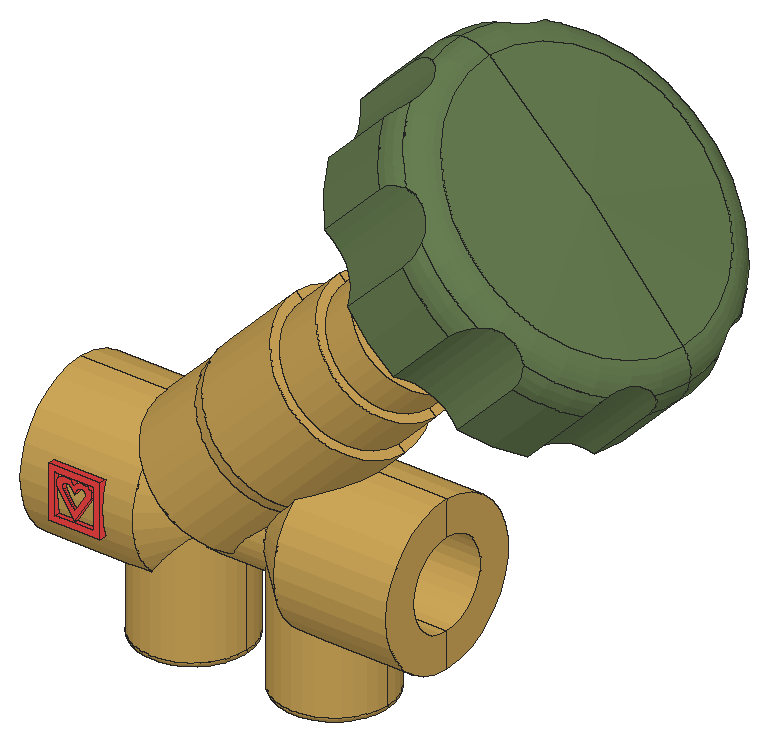
Revit family "Absperrventil 4125 WD", category Rohrzubehör, Revit 2020
Family settings
  Bemaßung runder Anschluss = Durchmesser verwenden
  Teiletyp = Unterbricht
  OmniClass-Nummer = 23.65.55.14
  OmniClass-Titel = Valves for Liquid Services
  Arbeitsebenenbasiert = Nein
  Immer vertikal = Ja
  Beim Laden mit Abzugskörper schneiden = Nein
  Gemeinsam genutzt = Nein
Parameters
  W01 = 45.00°  # constant formula
  Vorgabe-Ansicht = 0 mm
  URL = "www.herz-armaturen.at"
  Technische möglicher Einsatz = " "  # constant formula
  Spindel = "Messing CW617N"  # constant formula
  SW01 = 60.00°  # constant formula
  SC_NennweiteBerechnet = 0
  SC_Dimension = ""
  SCTWSEQ = "FW_SBT_TYP_FW=\"109\";2"
  SCTWCODE = "04;00;02"  # constant formula
  S03 = 60 mm  # constant formula
  S02 [instance] = L06 + L09 + L12 + L15  # 77.9 mm
  S01 [instance] = R01 * 2  # 27 mm
  R12 [instance] = R01 - 1 mm  # 12.5 mm
  R11 [instance] = size_lookup("4125WD_", "R11", 46.5 mm, Nennweite)  # 5.1 mm
  R100 = 1 mm  # constant formula
  R10 [instance] = size_lookup("4125WD_", "R10", 46.5 mm, Nennweite)  # 8 mm
  R09 [instance] = size_lookup("4125WD_", "R9", 46.5 mm, Nennweite)  # 10.5 mm
  R08 [instance] = size_lookup("4125WD_", "R8", 46.5 mm, Nennweite)  # 12 mm
  R07 [instance] = size_lookup("4125WD_", "R7", 46.5 mm, Nennweite)  # 13.5 mm
  R06 [instance] = size_lookup("4125WD_", "R6", 43 mm, Nennweite)  # 13 mm
  R05 [instance] = Nennweite / 2  # 7.5 mm
  R03 = 9.5 mm  # constant formula
  R02 [instance] = Nennweite / 2  # 7.5 mm
  R01 [instance] = size_lookup("4125WD_", "R1", 11.5 mm, Nennweite)  # 13.5 mm
  Oberteil = "entzinkungsbeständiges Messing CW626N"  # constant formula
  Nennweite [instance] = 15 mm
  Min. Durchfluss bei Dp 10 kPa [instance] = if(Nennweite = 15 mm, 0.5 L/s, if(Nennweite = 20 mm, 1.0 L/s, if(Nennweite = 25 mm, 1.75 L/s, if(Nennweite = 32 mm, 3.0 L/s, if(Nennweite = 40 mm, 4.0 L/s, if(Nennweite = 50 mm, 6.75 L/s, if(Nennweite = 65 mm, 11.0 L/s, if(Nennweite = 80 mm, 16.0 L/s, 0.0 L/s))))))))  # 0.5 L/s
  Medium = "Trinkwasser"  # constant formula
  Max. Gebrauchstemperatur (ÖVGW) = 65 °C  # constant formula
  Max. Differenzdruck auf geschlossenen Sitz = 1000000.0 Pa  # constant formula
  Max. Betriebstemperatur = 80 °C  # constant formula
  Max. Betriebsdruck (ÖVGW) = 1000000.0 Pa  # constant formula
  Max. Betriebsdruck = 2000000.0 Pa  # constant formula
  L16 [instance] = L01 / 2  # 10 mm
  L15 [instance] = size_lookup("4125WD_", "L15", 12.4 mm, Nennweite)  # 12.4 mm
  L14 [instance] = size_lookup("4125WD_", "L14", 81 mm, Nennweite)  # 6 mm
  L12 [instance] = size_lookup("4125WD_", "L12", 81 mm, Nennweite)  # 26 mm
  L11 [instance] = size_lookup("4125WD_", "L11", 60 mm, Nennweite)  # 6.7 mm
  L10 [instance] = size_lookup("4125WD_", "L10", 20 mm, Nennweite)  # 9.3 mm
  L09 [instance] = size_lookup("4125WD_", "L9", 11 mm, Nennweite)  # 17 mm
  L08 [instance] = size_lookup("4125WD_", "L8", 35 mm, Nennweite)  # 20 mm
  L07 [instance] = size_lookup("4125WD_", "L7", 35 mm, Nennweite)  # 12.5 mm
  L06 [instance] = size_lookup("4125WD_", "L6", 118 mm, Nennweite) - L09  # 22.5 mm
  L03 = 15 mm  # constant formula
  L02 [instance] = size_lookup("4125WD_", "L2", 22 mm, Nennweite)  # 6 mm
  L01 [instance] = size_lookup("4125WD_", "L1", 48 mm, Nennweite)  # 20 mm
  L00 [instance] = size_lookup("4125WD_", "L", 180 mm, Nennweite)  # 65 mm
  Kegel = "entzinkungsbeständiges Messing CW626N"  # constant formula
  Hinweis = "Gemäß Art 33 der REACH-Verordnung (EG Nr. 1907/2006) sind wir verpflichtet, darauf hinzuweisen, dass der Stoff Blei auf der SVHC-Liste geführt wird und dass alle aus Messing bestehenden Bauteile, die in unseren Erzeugnissen verarbeitet sind, mehr als 0,1 % (w/w) Blei (CAS: 7439-92-1 / EINECS: 231-100-4) enthalten.\r\nDa Blei als Legierungsbestandteil fest gebunden ist, sind keine Expositionen zu erwarten und daher sind keine zusätzlichen Angaben zur sicheren Verwendung notwendig."
  Hersteller = "HERZ Armaturen Ges.m.b.H."  # constant formula
  Handrad = "Kunststoff, grün"  # constant formula
  H01 [instance] = size_lookup("4125WD_", "H1", 53 mm, Nennweite)  # 24 mm
  Gelegentliche Temperaturanstiege = "bis 95°C, wenn sie nicht länger als 1 h andauern"  # constant formula
  Gehäuse = "entzinkungsbeständiges Gussmessing CC770S"  # constant formula
  Dichtungen = "EPDM nach KTW"  # constant formula
  DN80 [instance] = Nennweite = 80 mm  # no
  DN65 [instance] = Nennweite = 65 mm  # no
  DN50 [instance] = Nennweite = 50 mm  # no
  DN40 [instance] = Nennweite = 40 mm  # no
  DN32 [instance] = Nennweite = 32 mm  # no
  DN25 [instance] = Nennweite = 25 mm  # no
  DN20 [instance] = Nennweite = 20 mm  # no
  DN15 [instance] = Nennweite = 15 mm  # yes
  Bestellnummer [instance] = size_lookup("4125WD_", "Artnr", 0, Nennweite)  # 2412561
  Anwendungsgebiet = "Zum Absperren von Trinkwasserleitungen in Gebäuden."
Reference planes
  plane 1 "Mitte (Vorne/hinten)": y = 0
  plane 2: z = 0
  plane 3 "Mitte (Links/rechts)": x = 0
Forms (mm)
  Revolve 1, solid, material "Messing, weicher Gelbton, geschweißt", detail levels fine
    sketch origin (470, 0, 0) x (1, 0, 0) y (0, 0, 1)
      loop
        line (-502.5, 7.5) -> (-487.5, 7.5) -> (-487.5, 0) -> (-452.5, 0) -> (-452.5, 7.5) -> (-437.5, 7.5) -> (-437.5, 13.5) -> (-457.5, 13.5) -> (-464, 7.5) -> (-476, 7.5) -> (-482.5, 13.5) -> (-502.5, 13.5) -> (-502.5, 7.5)
      axis (-502.5, 0) -> (-437.5, 0)
    angle from 0 to 360
  Revolve 2, solid, material "Messing, weicher Gelbton, geschweißt", detail levels fine
    sketch origin (470, 0, 0) x (1, 0, 0) y (0, 0, 1)
      loop
        line (-492, 0) -> (-492, -23)
        arc (-492, -23) -> (-491.707, -23.707) -> (-491, -24) r 1
        line (-491, -24) -> (-482.5, -24) -> (-482.5, 0) -> (-492, 0)
      axis (-482.5, 0) -> (-482.5, -24)
    angle from 0 to 360
  Revolve 3, solid, material "Messing, weicher Gelbton, geschweißt", detail levels fine
    sketch origin (-470, 0, 0) x (-1, 0, 0) y (0, 0, 1)
      loop
        line (-492, 0) -> (-492, -23)
        arc (-492, -23) -> (-491.707, -23.707) -> (-491, -24) r 1
        line (-491, -24) -> (-482.5, -24) -> (-482.5, 0) -> (-492, 0)
      axis (-482.5, 0) -> (-482.5, -24)
    angle from 0 to 360
  Revolve 4, solid, material "Messing, weicher Gelbton, geschweißt", detail levels fine
    sketch origin (0.32, 0, -0.105) x (1, 0, 0) y (0, 0, 1)
      loop
        line (-12.82, 0) -> (42.264, 55.084) -> (38.657, 58.69) -> (29.889, 49.922) -> (27.839, 51.972) -> (20.767, 44.901) -> (19, 46.669) -> (14.262, 41.931) -> (13.201, 42.992) -> (6.625, 36.416) -> (5.565, 37.477) -> (-6.456, 25.456) -> (-7.87, 23.335) -> (-17.77, 13.435) -> (-18.123, 5.303) -> (-12.82, 0)
      axis (-12.82, 0) -> (42.264, 55.084)
    angle from 0 to 360
Lines and regions (mm)
  model lines, detail levels coarse+medium
    curve 1: line (-32.5, 0, 13.5) -> (-32.5, 0, -13.5)
    curve 2: line (-32.5, 0, -13.5) -> (32.5, 0, 13.5)
    curve 3: line (32.5, 0, 13.5) -> (32.5, 0, -13.5)
    curve 4: line (32.5, 0, -13.5) -> (-32.5, 0, 13.5)
    curve 5: line (0, 0, 0) -> (38.95, 0, 67.463)
    curve 6: line (12.969, 0, 82.463) -> (64.931, 0, 52.463)
    curve 7: line (-32.5, 13.5, 0) -> (-32.5, -13.5, 0)
    curve 8: line (-32.5, -13.5, 0) -> (32.5, 13.5, 0)
    curve 9: line (32.5, 13.5, 0) -> (32.5, -13.5, 0)
    curve 10: line (32.5, -13.5, 0) -> (-32.5, 13.5, 0)
    curve 11: line (0, 0, 0) -> (38.95, 67.463, 0)
    curve 12: line (12.969, 82.463, 0) -> (64.931, 52.463, 0)
Dimensions and locks
  "H01": plane 2 to Revolve 2 sketch curve
  "L00": Revolve 1 sketch curve to Revolve 1 sketch curve
  equal spacing: Revolve 1 sketch curve, plane 3 "Mitte (Links/rechts)", Revolve 1 sketch curve
  "R01": Revolve 1 sketch curve to Revolve 1 sketch curve  (x2)
  "R02": Revolve 1 sketch curve to Revolve 1 sketch curve  (x3)
  "L01": Revolve 1 sketch curve to Revolve 1 sketch curve  (x2)
  "L02": plane 3 "Mitte (Links/rechts)" to Revolve 1 sketch curve
  "L02": Revolve 1 sketch curve to plane 3 "Mitte (Links/rechts)"
  "L03": Revolve 1 sketch curve to Revolve 1 sketch curve  (x2)
  "L01": Revolve 1 to Revolve 2 sketch curve
  "R03": Revolve 2 sketch curve to Revolve 2 sketch curve
  "L01": Revolve 3 sketch curve to Revolve 1
  "R03": Revolve 3 sketch curve to Revolve 3 sketch curve
  "H01": plane 2 to Revolve 3 sketch curve
  "R07": Revolve 4 sketch curve to Revolve 4 sketch curve
  "L07": plane 3 "Mitte (Links/rechts)" to Revolve 4 sketch curve
  "R05": Revolve 4 sketch curve to Revolve 4 sketch curve
  "L06": Revolve 4 sketch curve to Revolve 4 sketch curve
  "L08": Revolve 4 sketch curve to Revolve 4 sketch curve
  "R06": Revolve 4 sketch curve to Revolve 4 sketch curve
  "L14": Revolve 4 sketch curve to Revolve 4 sketch curve
  "L09": Revolve 4 sketch curve to Revolve 4 sketch curve
  "R08": Revolve 4 sketch curve to Revolve 4 sketch curve
  "L10": Revolve 4 sketch curve to Revolve 4 sketch curve
  "R09": Revolve 4 sketch curve to Revolve 4 sketch curve
  "R10": Revolve 4 sketch curve to Revolve 4 sketch curve
  "L12": Revolve 4 sketch curve to Revolve 4 sketch curve
  "R11": Revolve 4 sketch curve to Revolve 4 sketch curve
  "L15": Revolve 4 sketch curve to Revolve 4 sketch curve
  "L11": Revolve 4 sketch curve to Revolve 4 sketch curve
  "R12": nested 9 to plane 1 "Mitte (Vorne/hinten)"
  "L16": Revolve 1 to nested 9
  equal spacing: curve 1, plane 3 "Mitte (Links/rechts)", curve 3
  "L00": curve 1 to curve 3
  equal spacing: curve 4, plane 2, curve 2
  "S01": curve 4 to curve 2
  equal spacing: curve 3, plane 2, curve 4
  "S01": curve 3 to curve 4
  "S02": curve 5 to curve 5
  equal spacing: curve 6, curve 5, curve 6
  "S03": curve 6 to curve 6
  equal spacing: curve 7, plane 3 "Mitte (Links/rechts)", curve 9
  "L00": curve 7 to curve 9
  equal spacing: curve 8, plane 1 "Mitte (Vorne/hinten)", curve 10
  "S01": curve 10 to curve 8
  equal spacing: curve 10, plane 1 "Mitte (Vorne/hinten)", curve 9
  "S01": curve 9 to curve 10
  "S02": curve 11 to curve 11
  equal spacing: curve 12, curve 11, curve 12
  "S03": curve 12 to curve 12
  "R100": radius of Revolve 2 sketch curve
  "R100": radius of Revolve 3 sketch curve
  "W01": angle plane 2 to Revolve 4 sketch curve
  "W01": angle level to Revolve 4 sketch curve
  "SW01": angle plane 2 to curve 5
  "SW01": angle plane 1 "Mitte (Vorne/hinten)" to curve 11
  aligned and locked: level to plane 2
Automatic sketch dimensions
  curve 5 to level = 0 mm
  plane 1 "Mitte (Vorne/hinten)" to curve 11 = 0 mm
  Revolve 1 sketch curve to level = 0 mm  (x2)
  Revolve 1 sketch curve to Revolve 1 sketch curve = 791.99 mm
  Revolve 1 sketch curve to Revolve 1 sketch curve = 2278.983 mm
  Revolve 2 sketch curve to level = 0 mm  (x2)
  Revolve 2 sketch curve to Revolve 2 sketch curve = 0 mm
  Revolve 2 sketch curve to Revolve 2 sketch curve = 0.292 mm
  Revolve 3 sketch curve to level = 0 mm  (x2)
  Revolve 3 sketch curve to Revolve 3 sketch curve = 0 mm
  Revolve 3 sketch curve to Revolve 3 sketch curve = 0.292 mm
  Revolve 4 sketch curve to level = 0.105 mm
  Revolve 4 sketch curve to Revolve 4 sketch curve = 0 mm  (x2)
Nested families
  nested 1: "Strömax-Handrad_Schrägsitz (Grün)" at (42.584, 0, 54.979), visible <- "DN15", type "Strömax-Handrad_Schrägsitz (Grün)", detail levels fine
    with Nennweite 0 mm, Gewicht 0.00 kg, Bestellnummer 0
  nested 2: "Strömax-Handrad_Schrägsitz (Grün)" at (54.312, 0, 67.707), visible <- "DN20", type "Strömax-Handrad_Schrägsitz (Grün)", detail levels fine
    with Nennweite 0 mm, Gewicht 0.00 kg, Bestellnummer 0
  nested 3: "Strömax-Handrad_Schrägsitz (Grün)" at (62.469, 0, 80.364), visible <- "DN25", type "Strömax-Handrad_Schrägsitz (Grün)", detail levels fine
    with Nennweite 0 mm, Gewicht 0.00 kg, Bestellnummer 0
  nested 4: "Strömax-Handrad_Schrägsitz (Grün)" at (71.712, 0, 91.607), visible <- "DN32", type "Strömax-Handrad_Schrägsitz (Grün)", detail levels fine
    with Nennweite 0 mm, Gewicht 0.00 kg, Bestellnummer 0
  nested 5: "Strömax-Handrad_Schrägsitz (Grün)" at (80.399, 0, 101.294), visible <- "DN40", type "Strömax-Handrad_Schrägsitz (Grün)", detail levels fine
    with Nennweite 0 mm, Gewicht 0.00 kg, Bestellnummer 0
  nested 6: "Strömax-Handrad_Schrägsitz (Grün)" at (97.83, 0, 129.225), visible <- "DN50", type "Strömax-Handrad_Schrägsitz (Grün)", detail levels fine
    with Nennweite 0 mm, Gewicht 0.00 kg, Bestellnummer 0
  nested 7: "Strömax-Handrad_Schrägsitz (Grün)" at (114.482, 0, 149.378), visible <- "DN65", type "Strömax-Handrad_Schrägsitz (Grün)", detail levels fine
    with Nennweite 0 mm, Gewicht 0.00 kg, Bestellnummer 0
  nested 8: "Strömax-Handrad_Schrägsitz (Grün)" at (140.423, 0, 183.319), visible <- "DN80", type "Strömax-Handrad_Schrägsitz (Grün)", detail levels fine
    with Nennweite 0 mm, Gewicht 0.00 kg, Bestellnummer 0
  nested 9: "Herz-Logo-vorne" at (-22.5, -13.232, 0) x (0, 1, 0) z (0, 0, 1), type "Herz-Logo-vorne", detail levels fine
Connectors
  piping at (-17.5, 0, 0), diameter 15, driven by "Nennweite"
    settings: on Revolve 1, index 1, connector inside diameter 609.6 mm, connector length 0 mm, flow factor 0, pipe flow 0.0 L/s, pressure drop 0.0 Pa, fitting loss kfactor 0, connector angle 0.00°, fixture units 0, engagement length 0 mm, angle of deflection 0.00°, flow configuration 0, flow direction 1, fitting loss method 0, system type 29, joint type 0, gender type 0, connector reference index -1, connector utility 0, adjustable connector no, is connector primary yes, connector description ""
  piping at (17.5, 0, 0), diameter 15, driven by "Nennweite"
    settings: on Revolve 1, index 2, connector inside diameter 609.6 mm, connector length 0 mm, flow factor 0, pipe flow 0.0 L/s, pressure drop 0.0 Pa, fitting loss kfactor 0, connector angle 0.00°, fixture units 0, engagement length 0 mm, angle of deflection 0.00°, flow configuration 0, flow direction 2, fitting loss method 0, system type 29, joint type 0, gender type 0, connector reference index -1, connector utility 0, adjustable connector no, is connector primary no, connector description ""
Definition of nested family "Strömax-Handrad_Schrägsitz (Grün)"
  Parameters (values of type "Strömax-Handrad_Schrägsitz (Grün)")
    Default Elevation = 0 mm
    URL = "www.herz-armaturen.at"
    Nennweite [instance] = 0 mm
    Manufacturer = "Herz Armaturen GmbH"  # constant formula
    Gewicht [instance] = 0.00 kg
    Bestellnummer [instance] = 0
  Reference planes
    plane 1 "Mitte (Vorne/hinten)": y = 0
    plane 2: z = 0
    plane 3 "Mitte (Links/rechts)": x = 0
  Forms (mm)
    Revolve 1, solid
      sketch origin (0, 0, 0) x (0.707107, 0, -0.707107) y (0.707107, 0, 0.707107)
        loop
          line (0, 0) -> (0, 22)
          arc (0, 22) -> (-12.15, 21.705) -> (-24.271, 20.819) r 250
          arc (-24.271, 20.819) -> (-26.831, 19.959) -> (-28.754, 18.063) r 6
          arc (-28.754, 18.063) -> (-29.682, 16.008) -> (-30, 13.776) r 8
          line (-30, 13.776) -> (-30, 0) -> (0, 0)
        axis (0, 22) -> (0, 0)
      angle from 0 to 360
    Extrusion 2, void
      sketch origin (0, 0, 0) x (0.707107, 0, -0.707107) y (0, 1, 0)
        loop
          circle (14.351, -34.645) r 10
      from 0 to 22
    Extrusion 3, void
      sketch origin (0, 0, 0) x (-0.707107, 0, 0.707107) y (0, -1, 0)
        loop
          circle (14.351, 34.645) r 10
      from 0 to 22
    Extrusion 4, void
      sketch origin (0, 0, 0) x (0, -1, 0) y (0.707107, 0, -0.707107)
        loop
          circle (14.351, 34.645) r 10
      from 0 to 22
    Extrusion 5, void
      sketch origin (0, 0, 0) x (0, 1, 0) y (-0.707107, 0, 0.707107)
        loop
          circle (14.351, -34.645) r 10
      from 0 to 22
    Extrusion 6, void
      sketch origin (0, 0, 0) x (0, -1, 0) y (0.707107, 0, -0.707107)
        loop
          circle (14.351, -34.645) r 10
      from 0 to 22
    Extrusion 7, void
      sketch origin (0, 0, 0) x (0, 1, 0) y (-0.707107, 0, 0.707107)
        loop
          circle (14.351, 34.645) r 10
      from 0 to 22
    Extrusion 8, void
      sketch origin (0, 0, 0) x (0.707107, 0, -0.707107) y (0, 1, 0)
        loop
          circle (14.351, 34.645) r 10
      from 0 to 22
    Extrusion 9, void
      sketch origin (0, 0, 0) x (-0.707107, 0, 0.707107) y (0, -1, 0)
        loop
          circle (14.351, -34.645) r 10
      from 0 to 22
  Cuts and joins
    Extrusion 2, Extrusion 3, Extrusion 4, Extrusion 5, Extrusion 6, Extrusion 7, Extrusion 8, Extrusion 9 cuts Revolve 1
  Dimensions and locks
    aligned and locked: level to plane 2
Definition of nested family "Herz-Logo-vorne"
  Parameters (values of type "Herz-Logo-vorne")
    Default Elevation = 0 mm
  Reference planes
    plane 1 "Mitte (Vorne/hinten)": y = 0
    plane 2: z = 0
    plane 3 "Mitte (Links/rechts)": x = 0
  Forms (mm)
    Extrusion 1, solid
      sketch origin (0.732, -0.018, 0.017) x (0, -1, 0) y (0, 0, 1)
        loop
          line (-0.018, -4.517) -> (4.482, -4.517) -> (4.482, 4.483) -> (-4.518, 4.483) -> (-4.518, -4.517) -> (-0.018, -4.517)
        loop
          line (-0.05, -3.48) -> (3.482, -3.48) -> (3.482, 3.483) -> (-3.518, 3.483) -> (-3.518, -3.48) -> (-0.05, -3.48)
        loop
          arc (-0.018, 2.383) -> (-1.543, 3.287) -> (-3.067, 2.383) r 1.738
          arc (-3.067, 2.383) -> (-3.191, 1.899) -> (-3.067, 1.415) r 1.009
          line (-3.067, 1.415) -> (-0.018, -3.281) -> (3.032, 1.415)
          arc (3.032, 1.415) -> (3.156, 1.899) -> (3.032, 2.383) r 1.009
          arc (3.032, 2.383) -> (1.507, 3.287) -> (-0.018, 2.383) r 1.738
        loop
          arc (1.885, 1.272) -> (2.005, 1.675) -> (1.885, 2.079) r 0.74
          arc (1.885, 2.079) -> (1.265, 2.416) -> (0.644, 2.079) r 0.74
          line (0.644, 2.079) -> (-0.018, 0.97) -> (-0.679, 2.079)
          arc (-0.679, 2.079) -> (-1.3, 2.416) -> (-1.921, 2.079) r 0.74
          arc (-1.921, 2.079) -> (-2.04, 1.675) -> (-1.921, 1.272) r 0.74
          line (-1.921, 1.272) -> (-0.018, -1.658) -> (1.885, 1.272)
      from 0 to 1.5
  Dimensions and locks
    aligned and locked: level to plane 2
